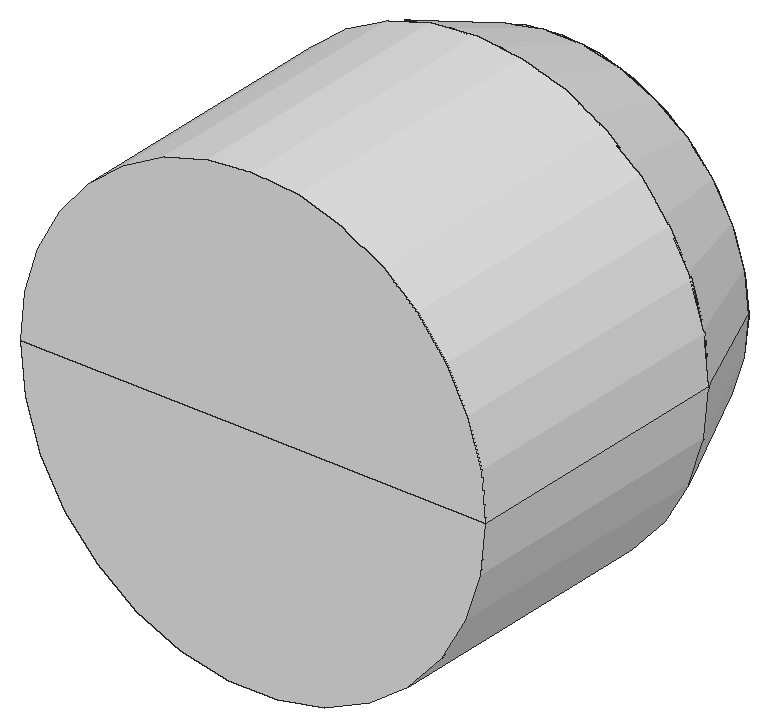
Revit family "CWSS-WR-S4 ENScape optisk-akustisk signalgiver hvit_Vegg", category Fire Alarm Devices, Revit 2016
Family settings
  Maintain Annotation Orientation = Yes
  Part Type = Normal
  Round Connector Dimension = Use Diameter
  OmniClass Number = 23.85.30.21.11.17
  OmniClass Title = Other Components
  Work Plane-Based = No
  Always vertical = No
  Cut with Voids When Loaded = No
  Shared = No
  Room Calculation Point = No
Parameters (values of type "Optisk signalgiver")
  Type Comments = "-XH"
  Reference Line Out [instance] = 45.00 mm
  NS8360 = "5423_XN2"
  Manufacturer = "Honeywell"
  Keynote = "XN2"
  CQ Symbol Positive Direction [instance] = yes
  CQ Symbol Offset Side [instance] = 0.00 mm
  CQ Symbol Offset Out [instance] = 0.00 mm
  CQ Material = Plastic - White
  CQ Length B = 98.00 mm
  CQ Length A = 100.00 mm
  Assembly Code = "5423"
Reference planes
  plane 1 "Center (Front/Back)": y = 0
  plane 2: z = 0
  plane 3 "Center (Left/Right)": x = 0
  plane 4: x = -50
  plane 5: x = 50
  plane 6: y = 98
  plane 7: y = 83
Forms (mm)
  Revolve 1, solid, material "Plastic - White" <- "CQ Material"
    sketch origin (0, 0, 0) x (1, 0, 0) y (0, -1, 0)
      loop
        line (0, 0) -> (0, -83) -> (40, -83) -> (50, -60) -> (50, 0) -> (0, 0)
      axis (0, -83) -> (0, 0)
    angle from 0 to 360
  Revolve 2, solid, material "Plastic White Transparent"
    sketch origin (0, 0, 0) x (1, 0, 0) y (0, 1, 0)
      loop
        line (0, 83) -> (40, 83)
        arc (40, 83) -> (21.893, 94.121) -> (1, 98) r 58.2
        line (1, 98) -> (0, 98) -> (0, 83)
      axis (0, 98) -> (0, 83)
    angle from 0 to 360
Lines and regions (mm)
  model lines, style "InvisibleLines"
    curve 1: line (0, 0, 0) -> (0, 45, 0)
Dimensions and locks
  "Reference Line Out": plane 1 "Center (Front/Back)" to curve 1
  "CQ Length B": plane 6 to plane 1 "Center (Front/Back)"
  plane 6 to plane 7 = 15.00 mm
  equal spacing: plane 4, plane 3 "Center (Left/Right)", plane 5
  "CQ Length A": plane 4 to plane 5
  aligned and locked: level to plane 2
  aligned and locked: curve 1 to plane 3 "Center (Left/Right)"
  aligned and locked: plane 1 "Center (Front/Back)" to curve 1
  aligned and locked: curve 1 to plane 2
  aligned and locked: plane 1 "Center (Front/Back)" to Revolve 1 sketch curve
  aligned and locked: plane 3 "Center (Left/Right)" to nested 1
  aligned and locked: plane 1 "Center (Front/Back)" to nested 1
  aligned and locked: Revolve 1 sketch curve to plane 7
  aligned and locked: Revolve 1 sketch curve to plane 3 "Center (Left/Right)"
  aligned and locked: nested 1 to Revolve 2 sketch curve
  aligned and locked: Revolve 2 sketch curve to plane 7
  aligned and locked: Revolve 2 sketch curve to plane 6
Automatic sketch dimensions
  Revolve 1 sketch curve to plane 3 "Center (Left/Right)" = 0.00 mm
  Revolve 1 sketch curve to plane 5 = 0.00 mm
  plane 5 to Revolve 1 sketch curve = 10.00 mm
  plane 7 to Revolve 1 sketch curve = 23.00 mm
  Revolve 1 sketch curve to plane 6 = 15.00 mm
  Revolve 1 sketch curve to Revolve 1 sketch curve = 38.00 mm
  Revolve 2 sketch curve to plane 3 "Center (Left/Right)" = 0.00 mm
  plane 3 "Center (Left/Right)" to Revolve 2 sketch curve = 1.00 mm
  Revolve 2 sketch curve to plane 1 "Center (Front/Back)" = 39.80 mm
  Revolve 2 sketch curve to plane 6 = 3.38 mm
  Revolve 2 sketch curve to Revolve 2 sketch curve = 20.00 mm
Nested families
  nested 1: "Optisk alarmapparat" at (0, 0, 0), type "Type 1"
Connectors
  electrical at (0, 0, 0)
    settings: index 1, voltage 0 V, apparent load 0 VA, apparent load phase1 0 VA, apparent load phase2 0 VA, apparent load phase3 0 VA, power factor 1, load classification "Other", number of poles 1, system type 11, power factor state 1, is connector primary yes, connector utility no, sub classification motor no, connector description ""
Definition of nested family "Optisk alarmapparat"
  Parameters
    CQ Symbol Positive Direction = yes
    CQ Symbol Negative Direction = not(CQ Symbol Positive Direction)  # no
    CQ Symbol Offset Side = 0.00 mm
    CQ Symbol Offset Out = 1.00 mm
  Reference planes
    plane 1: y = 0
    plane 2: x = 0
  Dimensions and locks
    "CQ Symbol Offset Out": plane 1 to nested 2
    "CQ Symbol Offset Out": plane 1 to nested 1
    "CQ Symbol Offset Side": plane 2 to nested 1
    "CQ Symbol Offset Side": nested 2 to plane 2
  Nested families
    nested 1: "Optisk AlarmapparatSub" at (0, 1, 0), visible <- "CQ Symbol Positive Direction", type "Type 1"
    nested 2: "Optisk AlarmapparatSub" at (0, 1, 0), visible <- "CQ Symbol Negative Direction", type "Type 1"
  Definition of nested family "Optisk AlarmapparatSub"
    Reference planes
      plane 1: y = 0
      plane 2: x = 0
    Lines and regions (mm)
      detail lines
        curve 1: circle (0, 2.5, 0) r 2.5 normal (0, 0, 1)
        curve 2: line (-1.768, 4.268, 0) -> (1.768, 0.732, 0)
        curve 3: line (-1.768, 0.732, 0) -> (1.768, 4.268, 0)
        curve 4: line (-0.001, 5.5, 0) -> (4.748, 5.5, 0)
    Text (mm)
      text "PL" at (1.733, 7.087, 0)
